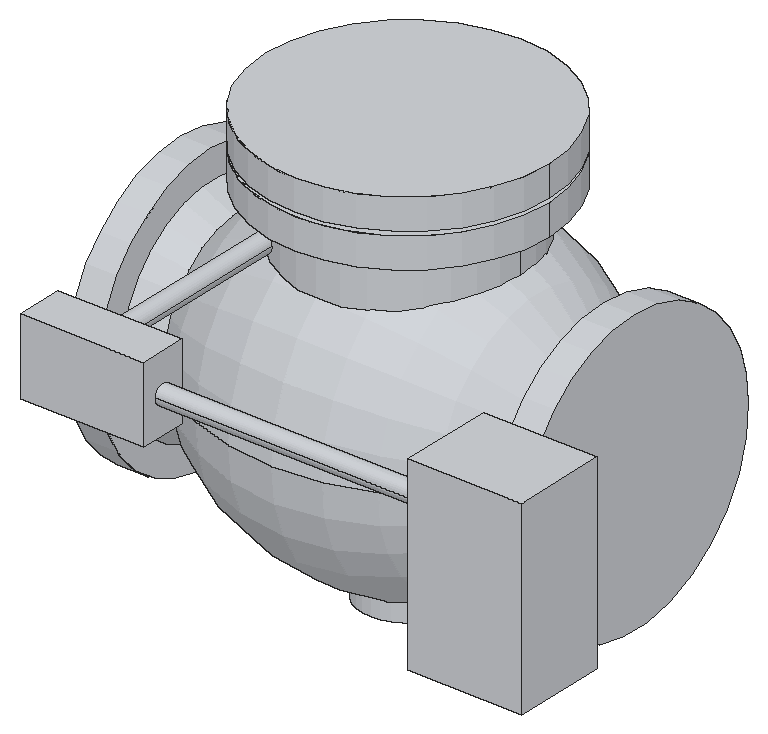
Revit family "a166d2d7a6524133862c96fb06f2c774", category Pipe Accessories, Revit 2021
Family settings
  Round Connector Dimension = Use Radius
  Part Type = Valve - Breaks Into
  OmniClass Number = 23.65.55.14.17
  OmniClass Title = Adjusting/Controlling Valves for Liquid Services
  Work Plane-Based = No
  Always vertical = Yes
  Cut with Voids When Loaded = No
  Shared = No
Parameters (values of type "3"")
  Weight = 0.00 lbm
  Valve Material = none
  Symbol Length = 0.5 * Valve Length * tan(30.00°)  # 3.4641"
  Stem Radius = Valve Length / 10  # 1.2"
  Length 8 = Bonnet Radius - 3/4"  # 2 31/128"
  Length 7 = Flange Thickness * 1.25  # 1 1/64"
  Length 6 = Length 4 + Length 5 / 2  # 6.00945"
  Length 5 = Length 3 * Length 3 / Length 4  # 4.86734"
  Length 4 = Belly Radius - Body Radius * 0.5  # 3.57578"
  Length 3 = Valve Length / 2 - Flange Thickness - Length 7  # 4 11/64"
  Length 2 = Stem Radius + 1"  # 2.2"
  Length 1 = Flange Radius  # 3.74023"
  Default Elevation = 0"
  Counterweight Y Offset = 10"
  Counterweight Width = if(Nominal Diameter < 10", 2 1/2", 5")  # 2 1/2"
  Counterweight Height = if(Nominal Diameter < 10", 5", 9")  # 5"
  Flange Diameter = 7 123/256"
  Valve Depth = 5"
  Body Radius = Nominal Radius * 1.05 + 1/4"  # 1.825"
  Valve Height = 7"
  Nominal Radius = 1 1/2"
  Nominal Diameter = Nominal Radius * 2  # 3"
  K Coefficient = 7
  Counterweight Length = if(Nominal Diameter < 10", 3", 6")  # 3"
  Hand Wheel Material = none
  Flange Thickness = 13/16"
  Flange Radius = Flange Diameter / 2  # 3.74023"
  Bonnet Radius = Length 1 * 0.8  # 2 127/128"
  Bonnet Height = Valve Height - 2 * Flange Thickness - 3" / 32 - 1/2"  # 4 25/32"
  Valve Length = 12"
  Belly Radius = Flange Radius * 1.2  # 4 125/256"
  Counterweight X Offset = 5"
Reference planes (in)
  plane 1 "Center (Front/Back)": y = 0
  plane 2: z = 0
  plane 3 "Center (Left/Right)": x = 0
  plane 4: x = -6
  plane 5: x = 6
  plane 6: x = -5.1875
  plane 7: x = 5.1875
  plane 8: z = 4.78125
  plane 9: y = 3.74023
  plane 10: y = -3.74023
  plane 11: z = 5.59375
  plane 12: z = 5.69375
  plane 13: z = 6.50625
  plane 14: z = 5.41558
  plane 15: z = -5
  plane 16: y = -3.4641
  plane 17: y = 3.4641
  plane 18: x = 2.2
  plane 19: x = 1.2
  plane 20: y = -10
  plane 21: y = -2.2
  plane 22: y = 1.825
  plane 23: y = -1.52117
  plane 24: y = 4.48828
  plane 25: x = -4.17187
  plane 26: x = 4.17188
  plane 27: x = 11
  plane 28: z = 3.78125
  plane 29: z = 0.41558
  plane 30: z = 7
  plane 31: x = -1.825
  plane 32: y = -8.75
  plane 33: y = -7.5
Forms (in)
  Extrusion 1, solid, material <- "Valve Material", detail levels fine
    sketch origin (0, 0, 0) x (0, 1, 0) y (0, 0, 1)
      loop
        circle (0, 0) r 3.74023
    from -6 to -5.1875
  Extrusion 2, solid, material <- "Valve Material", detail levels fine
    sketch origin (0, 0, 0) x (0, 1, 0) y (0, 0, 1)
      loop
        circle (0, 0) r 3.74023
    from 5.1875 to 6
  Extrusion 3, solid, material <- "Valve Material", detail levels fine
    sketch origin (0, 0, 0) x (1, 0, 0) y (0, 1, 0)
      loop
        circle (0, 0) r 2.99219
    from 0 to 4.78125
  Extrusion 4, solid, material <- "Valve Material", detail levels fine
    sketch origin (0, 0, 0) x (1, 0, 0) y (0, 1, 0)
      loop
        circle (0, 0) r 3.74023
    from 4.78125 to 5.59375
  Extrusion 5, solid, material <- "Valve Material", detail levels fine
    sketch origin (0, 0, 0) x (1, 0, 0) y (0, 1, 0)
      loop
        circle (0, 0) r 3.74023
    from 5.69375 to 6.50625
  Extrusion 6, solid, material <- "Valve Material", detail levels fine
    sketch origin (0, 0, 0) x (1, 0, 0) y (0, 1, 0)
      loop
        circle (0, 0) r 1.2
    from -5 to 0
  Extrusion 7, solid, material <- "Hand Wheel Material", detail levels fine
    sketch origin (0, 0, 0) x (1, 0, 0) y (0, 1, 0)
      loop
        line (8, -7.5) -> (8, -10) -> (11, -10) -> (11, -7.5) -> (8, -7.5)
    from 0.41558 to 5.41558
  Revolve 8, solid, material <- "Valve Material", detail levels fine
    sketch origin (0, 0, 0) x (1, 0, 0) y (0, 1, 0)
      loop
        line (-5.1875, 0) -> (5.1875, 0) -> (5.1875, 2.995) -> (4.41906, 2.55135)
        arc (4.41906, 2.55135) -> (0, 4.48828) -> (-4.41906, 2.55135) r 6.00945
        line (-4.41906, 2.55135) -> (-5.1875, 2.995) -> (-5.1875, 0)
      axis (-5.1875, 0) -> (5.1875, 0)
    angle from 0 to 360
  Extrusion 9, solid, material <- "Hand Wheel Material", detail levels fine
    sketch origin (0, 0, 0) x (1, 0, 0) y (0, 0, 1)
      loop
        circle (-1.825, 3.78125) r 0.25
    from 0 to 8.75
  Extrusion 10, solid, material <- "Hand Wheel Material", detail levels fine
    sketch origin (8.31725, -180, 3.78125) x (-1, 0, 0) y (0, -1, 0)
      loop
        line (11.06787, -171.90019) -> (11.06787, -170.65019) -> (7.80537, -170.65019) -> (7.80537, -171.90019) -> (11.06787, -171.90019)
    from -1 to 1
  Extrusion 11, solid, material <- "Hand Wheel Material", detail levels fine
    sketch origin (0, 0, 0) x (0, 1, 0) y (0, 0, 1)
      loop
        circle (-8.75, 3.78125) r 0.25
    from 0.51189 to 8
Cuts and joins
  joined: Extrusion 1, Extrusion 2
Lines and regions (in)
  model lines, detail levels coarse+medium
    curve 1: line (-6, 3.4641, 0) -> (-6, -3.4641, 0)
    curve 2: line (6, 3.4641, 0) -> (6, -3.4641, 0)
    curve 3: line (6, -3.4641, 0) -> (-6, 3.4641, 0)
    curve 4: line (-6, -3.4641, 0) -> (0, 0, 0)
Dimensions and locks (in)
  "Bonnet Height": plane 8 to plane 2
  equal spacing: plane 9, plane 1 "Center (Front/Back)", plane 10
  "Flange Radius": plane 9 to plane 1 "Center (Front/Back)"
  equal spacing: plane 4, plane 3 "Center (Left/Right)", plane 5
  "Valve Length": plane 4 to plane 5
  "Flange Thickness": plane 4 to plane 6
  "Flange Thickness": plane 7 to plane 5
  "Flange Thickness": plane 11 to plane 8
  locked: plane 12 to plane 11 at 0.1
  "Flange Thickness": plane 13 to plane 12
  "Valve Depth": plane 2 to plane 15
  "Symbol Length": plane 17 to plane 1 "Center (Front/Back)"
  "Symbol Length": plane 1 "Center (Front/Back)" to plane 16
  "Length 2": plane 3 "Center (Left/Right)" to plane 18
  "Counterweight Y Offset": plane 1 "Center (Front/Back)" to plane 20
  locked: plane 19 to plane 18 at 1
  "Length 2": plane 1 "Center (Front/Back)" to plane 21
  "Body Radius": plane 22 to plane 1 "Center (Front/Back)"
  "Length 6": plane 24 to plane 23
  "Belly Radius": plane 24 to plane 1 "Center (Front/Back)"
  "Length 7": plane 6 to plane 25
  "Length 7": plane 26 to plane 7
  "Counterweight X Offset": plane 5 to plane 27
  "Counterweight Length": Extrusion 7 sketch curve to Extrusion 7 sketch curve
  "Counterweight Width": Extrusion 7 sketch curve to Extrusion 7 sketch curve
  locked: plane 8 to plane 28 at 1
  "Counterweight Height": plane 14 to plane 29
  locked: plane 14 to plane 28 at 1.63433
  "Valve Height": plane 30 to level
  "Body Radius": plane 31 to plane 3 "Center (Left/Right)"
  "Counterweight Width": plane 33 to plane 20
  equal spacing: plane 33, plane 32, plane 20
  "Flange Radius": radius of Extrusion 1 sketch curve
  "Flange Radius": radius of Extrusion 2 sketch curve
  "Bonnet Radius": radius of Extrusion 3 sketch curve
  "Stem Radius": radius of Extrusion 6 sketch curve
  "Length 6": radius of Revolve 8 sketch curve
  "Length 1": radius of Extrusion 4 sketch curve
  aligned and locked: plane 1 "Center (Front/Back)" to Extrusion 1 sketch curve
  aligned and locked: plane 2 to Extrusion 1 sketch curve
  aligned and locked: Extrusion 1 to plane 4
  aligned and locked: plane 6 to Extrusion 1
  aligned and locked: plane 1 "Center (Front/Back)" to Extrusion 2 sketch curve
  aligned and locked: plane 2 to Extrusion 2 sketch curve
  aligned and locked: plane 7 to Extrusion 2
  aligned and locked: plane 5 to Extrusion 2
  aligned and locked: plane 3 "Center (Left/Right)" to Extrusion 3 sketch curve
  aligned and locked: plane 1 "Center (Front/Back)" to Extrusion 3 sketch curve
  aligned and locked: plane 8 to Extrusion 3
  aligned and locked: Extrusion 3 to plane 2
  aligned and locked: cut or joined group of Extrusion 1, Extrusion 2 to plane 4
  aligned and locked: plane 5 to cut or joined group of Extrusion 1, Extrusion 2
  aligned and locked: Extrusion 4 to plane 8
  aligned and locked: plane 11 to Extrusion 4
  aligned and locked: Extrusion 5 to plane 12
  aligned and locked: plane 13 to Extrusion 5
  aligned and locked: plane 3 "Center (Left/Right)" to Extrusion 6 sketch curve
  aligned and locked: plane 1 "Center (Front/Back)" to Extrusion 6 sketch curve
  aligned and locked: Extrusion 6 to plane 15
  aligned and locked: curve 1 to plane 4
  aligned and locked: plane 16 to curve 1
  aligned and locked: plane 17 to curve 1
  aligned and locked: plane 17 to curve 2
  aligned and locked: plane 16 to curve 2
  aligned and locked: plane 14 to Extrusion 7
  aligned and locked: plane 1 "Center (Front/Back)" to Revolve 8 sketch curve
  aligned and locked: plane 3 "Center (Left/Right)" to Revolve 8 sketch curve
  aligned and locked: plane 23 to Revolve 8 sketch curve
  aligned and locked: plane 3 "Center (Left/Right)" to Extrusion 4 sketch curve
  aligned and locked: plane 1 "Center (Front/Back)" to Extrusion 4 sketch curve
  aligned and locked: Extrusion 5 sketch curve to Extrusion 4
  aligned and locked: Revolve 8 sketch curve to curve 3
  aligned and locked: curve 4 to Revolve 8 sketch curve
  aligned and locked: Revolve 8 sketch curve to plane 6
  aligned and locked: Revolve 8 sketch curve to plane 7
  aligned and locked: level to Extrusion 6
  aligned and locked: plane 20 to Extrusion 7 sketch curve
  aligned and locked: Extrusion 7 sketch curve to plane 27
  aligned and locked: Extrusion 7 to plane 29
  aligned and locked: plane 31 to Extrusion 9 sketch curve
  aligned and locked: plane 28 to Extrusion 9 sketch curve
  aligned and locked: Extrusion 9 to plane 1 "Center (Front/Back)"
  aligned and locked: Extrusion 9 to plane 32
  aligned and locked: Extrusion 11 to Extrusion 10
  aligned and locked: Extrusion 11 to Extrusion 7
Automatic sketch dimensions
  plane 1 "Center (Front/Back)" to Revolve 8 sketch curve = 0"
  Revolve 8 sketch curve to Revolve 8 sketch curve = 9.65511"
  plane 5 to Revolve 8 sketch curve = 8.78239"
  plane 3 "Center (Left/Right)" to Extrusion 10 sketch curve = 0.51189"
  Extrusion 10 sketch curve to plane 31 = 0.92561"
  Extrusion 10 sketch curve to plane 33 = 0.59981"
  Extrusion 10 sketch curve to plane 32 = 0.59981"
  Extrusion 11 sketch curve to plane 28 = 0"
  Extrusion 11 sketch curve to plane 32 = 0"
  plane 1 "Center (Front/Back)" to curve 4 = 0"
  curve 3 to plane 5 = 0"
  radius of Extrusion 9 sketch curve = 1/4"
  radius of Extrusion 11 sketch curve = 1/4"
Connectors (in)
  piping at (-6, 0, 0), diameter 3, driven by "Nominal Radius"
    settings: on cut or joined group of Extrusion 1, Extrusion 2, index 1, connector inside diameter 2", connector length 0", flow factor 0, pipe flow 0 GPM, pressure drop 0.00 psi, fitting loss kfactor 0, connector angle 0.00°, fixture units 0, engagement length 0", angle of deflection 0.00°, flow configuration 0, flow direction 1, fitting loss method 2, system type 29, joint type 0, gender type 0, connector reference index 2, connector utility 0, adjustable connector no, is connector primary yes, connector description "In"
  piping at (6, 0, 0), diameter 3, driven by "K Coefficient", driven by "Nominal Radius"
    settings: on cut or joined group of Extrusion 1, Extrusion 2, index 2, connector inside diameter 2", connector length 0", flow factor 0, pipe flow 0 GPM, pressure drop 0.00 psi, fitting loss kfactor 7, connector angle 0.00°, fixture units 0, engagement length 0", angle of deflection 0.00°, flow configuration 0, flow direction 2, fitting loss method 2, system type 29, joint type 0, gender type 0, connector reference index 1, connector utility 0, adjustable connector no, is connector primary no, connector description "Out"
